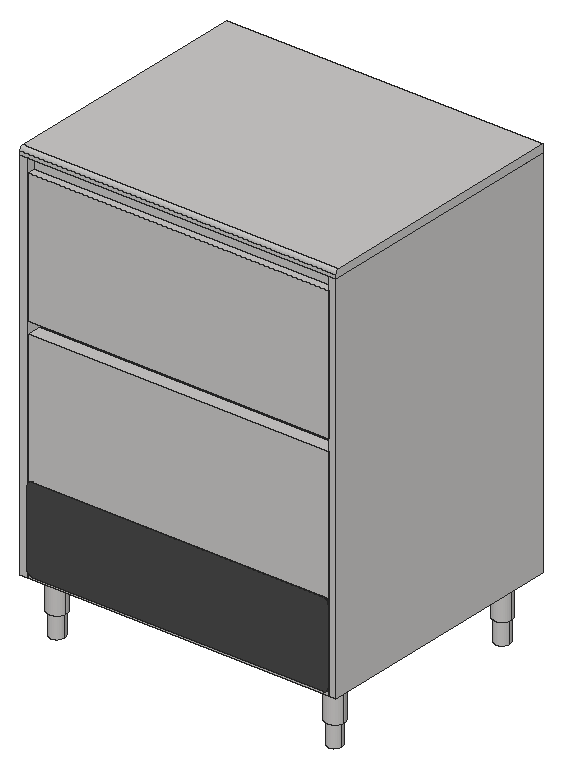
Revit family "QF_ELECTROLUXPROFESSIONAL_730313_ICB155I75SNP", category Attrezzature speciali, Revit 2018
Family settings
  Quota connettore circolare = Usa diametro
  Tipo di parte = Normale
  Basato su piano di lavoro = No
  Sempre verticale = Sì
  Taglio con vuoti quando caricato = No
  Condiviso = No
  Punto di calcolo locali = No
Parameters (values of type "Standard")
  Weight = 95.00 kg
  Watts = 0 W
  Volts = 220 V
  URL Manufacturer = "https://www.electroluxprofessional.com/"
  URL = "https://www.electroluxprofessional.com/"
  Steam Supply Size = 0 mm
  Steam Supply Minimum Pressure = 0.0 Pa
  Steam Supply Maximum Pressure = 0.0 Pa
  Steam Pounds per Hour = 0
  Show Logo [instance] = yes
  Show Clearance [instance] = yes
  Refrigeration Suction Line Size = 0 mm
  Refrigeration Liquid Line Size = 0 mm
  Refrigerant Compressor Remote = yes
  Produttore = "Electrolux Professional"
  Phase = 1
  Modello = "ICB155I75SNP"
  Length Actual = 860 mm  # constant formula
  Item Number = "730313"
  Hot Water Size = 0 mm
  Height Actual = 1149 mm  # constant formula
  HP = "0 HP"
  Gas Size = 0 mm
  Gas KW = 0
  Gas Input Pressure = 0 W
  Descrizione = "WATER COOLED ICE CUBER 22GR 155KG/24H-BIN 75KG"
  Depth Actual = 700 mm  # constant formula
  Cycle = 50 Hz
  Condensate Return Size = 0 mm
  Compressed Air Volume = 0.0 L/s
  Compressed Air Size = 0 mm
  Compressed Air Pressure = 0.0 Pa
  Cold Water Size = 19.05 mm
  Accessory = yes
Reference planes
  plane 1 "Center X": y = 272.851
  plane 2: z = 0
  plane 3 "Center Y": x = -501.5
  plane 4 "LEFT": x = -931.5
  plane 5 "RIGHT": x = -71.5
  plane 6 "FRONT": y = -77.649
  plane 7 "BACK": y = 623.351
  plane 8: z = 154
  plane 9: z = 1198
  plane 10: z = 1178
  plane 11: x = -911.5
  plane 12: x = -91.5
  plane 13: y = -37.649
Forms (mm)
  Extrusion 1, solid, material "QF_Finishes_Black"
    sketch origin (-217.296, -77.649, 371.513) x (-1, 0, 0) y (0, 0, -1)
      loop
        arc (679.204, -20.487) -> (689.811, -16.093) -> (694.204, -5.487) r 15
        line (694.204, -5.487) -> (694.204, 195.469)
        arc (694.204, 195.469) -> (689.811, 206.075) -> (679.204, 210.469) r 15
        line (679.204, 210.469) -> (-110.796, 210.469)
        arc (-110.796, 210.469) -> (-121.403, 206.075) -> (-125.796, 195.469) r 15
        line (-125.796, 195.469) -> (-125.796, -5.487)
        arc (-125.796, -5.487) -> (-121.403, -16.093) -> (-110.796, -20.487) r 15
        line (-110.796, -20.487) -> (679.204, -20.487)
    from 0 to 2
  Extrusion 2, solid, material "QF_Finishes_Stainless Steel"
    sketch origin (-501.5, 0, 0) x (0, 1, 0) y (0, 0, 1)
      loop
        line (623.351, 1178) -> (623.351, 1198) -> (-67.649, 1198)
        arc (-67.649, 1198) -> (-74.72, 1195.071) -> (-77.649, 1188) r 10
        line (-77.649, 1188) -> (-77.649, 1178) -> (623.351, 1178)
    from -430 to 430
  Extrusion 3, solid, material "QF_Finishes_Stainless Steel"
    sketch origin (-519.2, 623.351, -284.545) x (1, 0, 0) y (0, 0, -1)
      loop
        circle (378.2, -654.545) r 10
    from 0 to 10
  Extrusion 4, solid, material "QF_Finishes_Stainless Steel"
    sketch origin (0, 0, 0) x (1, 0, 0) y (0, 1, 0)
      loop
        line (-931.5, 623.351) -> (-931.5, -77.649) -> (-911.5, -77.649) -> (-911.5, 623.351) -> (-931.5, 623.351)
    from 154 to 1178
  Extrusion 5, solid, material "QF_Finishes_Stainless Steel"
    sketch origin (0, 0, 0) x (1, 0, 0) y (0, 1, 0)
      loop
        line (-91.5, 623.351) -> (-91.5, -77.649) -> (-71.5, -77.649) -> (-71.5, 623.351) -> (-91.5, 623.351)
    from 154 to 1178
  Extrusion 6, solid, material "QF_Finishes_Stainless Steel"
    sketch origin (0, 0, 0) x (1, 0, 0) y (0, 1, 0)
      loop
        line (-911.5, 623.351) -> (-911.5, -37.649) -> (-91.5, -37.649) -> (-91.5, 623.351) -> (-911.5, 623.351)
    from 154 to 1178
  Extrusion 7, solid, material "QF_Finishes_Stainless Steel"
    sketch origin (0, 0, 0) x (1, 0, 0) y (0, 1, 0)
      loop
        line (-911.5, -77.649) -> (-91.5, -77.649) -> (-91.5, -37.649) -> (-911.5, -37.649) -> (-911.5, -77.649)
    from 154 to 748.657
  Extrusion 8, solid, material "QF_Finishes_Stainless Steel"
    sketch origin (-501.5, 0, 0) x (0, 1, 0) y (0, 0, 1)
      loop
        line (-37.649, 1178) -> (-57.649, 1178) -> (-57.649, 1142) -> (-77.649, 1142) -> (-77.649, 780.633) -> (-57.649, 780.633) -> (-57.649, 765.633) -> (-37.649, 765.633) -> (-37.649, 1178)
    from -410 to 410
  Extrusion 9, solid, material "QF_Finishes_Stainless Steel"
    sketch origin (-504.7, 623.351, -432.545) x (1, 0, 0) y (0, 0, -1)
      loop
        circle (378.2, -654.545) r 10
    from 0 to 10
  Extrusion 10, solid, material "QF_Finishes_Stainless Steel"
    sketch origin (-560.2, 623.351, -316.545) x (1, 0, 0) y (0, 0, -1)
      loop
        circle (378.2, -654.545) r 10
    from 0 to 10
Lines and regions (mm)
  Split face 1
    outline origin (-501.5, -57.649, 1178) x (0, 0, -1) y (1, 0, 0)
      loop
        line (5.715, 287.428) -> (30.715, 287.428) -> (30.715, 327.428) -> (5.715, 327.428) -> (5.715, 287.428)
  symbolic lines
    curve 1: line (-931.5, 623.351, 0) -> (-71.5, 623.351, 0)
    curve 2: line (-931.5, -77.649, 0) -> (-931.5, 623.351, 0)
    curve 3: line (-71.5, -77.649, 0) -> (-931.5, -77.649, 0)
    curve 4: line (-71.5, 623.351, 0) -> (-71.5, -77.649, 0)
Dimensions and locks
  equal spacing: plane 4 "LEFT", plane 3 "Center Y", plane 5 "RIGHT"
  plane 4 "LEFT" to plane 5 "RIGHT" = 860 mm
  equal spacing: plane 7 "BACK", plane 1 "Center X", plane 6 "FRONT"
  plane 7 "BACK" to plane 6 "FRONT" = 701 mm
  plane 8 to plane 2 = 154 mm
  plane 9 to plane 8 = 1044 mm
  locked: plane 4 "LEFT" to plane 11 at 20
  locked: plane 12 to plane 5 "RIGHT" at 20
  locked: plane 9 to plane 10 at 20
  locked: plane 13 to plane 6 "FRONT" at 40
  aligned and locked: level to plane 2
  aligned and locked: plane 5 "RIGHT" to Extrusion 2
  aligned and locked: Extrusion 2 to plane 4 "LEFT"
  aligned and locked: Extrusion 4 sketch curve to Extrusion 2  (x2)
  aligned and locked: plane 6 "FRONT" to Extrusion 4 sketch curve
  aligned and locked: Extrusion 4 sketch curve to plane 11
  aligned and locked: Extrusion 5 sketch curve to plane 7 "BACK"
  aligned and locked: plane 12 to Extrusion 5 sketch curve
  aligned and locked: Extrusion 5 sketch curve to Extrusion 2  (x2)
  aligned and locked: plane 10 to Extrusion 4
  aligned and locked: plane 10 to Extrusion 5
  aligned and locked: Extrusion 4 to plane 8
  aligned and locked: Extrusion 5 to plane 8
  aligned and locked: Extrusion 6 sketch curve to Extrusion 4
  aligned and locked: Extrusion 4 to Extrusion 6 sketch curve
  aligned and locked: plane 13 to Extrusion 6 sketch curve
  aligned and locked: Extrusion 6 sketch curve to plane 12
  aligned and locked: plane 10 to Extrusion 6
  aligned and locked: Extrusion 6 to plane 8
  aligned and locked: Extrusion 4 to Extrusion 7 sketch curve
  aligned and locked: Extrusion 7 sketch curve to Extrusion 4
  aligned and locked: plane 13 to Extrusion 7 sketch curve
  aligned and locked: plane 12 to Extrusion 7 sketch curve
  aligned and locked: Extrusion 7 to plane 8
  aligned and locked: plane 12 to Extrusion 8
  aligned and locked: Extrusion 8 to plane 11
Automatic sketch dimensions
  curve 3 to plane 4 "LEFT" = 0 mm
  curve 3 to plane 5 "RIGHT" = 0 mm
  curve 3 to plane 6 "FRONT" = 0 mm
  curve 2 to plane 7 "BACK" = 0 mm
  Extrusion 1 sketch curve to plane 12 = 0 mm
  plane 8 to Extrusion 1 sketch curve = 7.044 mm
  Extrusion 1 sketch curve to Extrusion 1 sketch curve = 15 mm  (x3)
  plane 11 to Extrusion 1 sketch curve = 15 mm  (x2)
  Extrusion 1 sketch curve to Extrusion 1 sketch curve = 200.956 mm
  Extrusion 2 sketch curve to plane 6 "FRONT" = 0 mm
  Extrusion 2 sketch curve to plane 9 = 0 mm
  Extrusion 2 sketch curve to plane 7 "BACK" = 0 mm
  Extrusion 2 sketch curve to plane 10 = 0 mm
  plane 6 "FRONT" to Extrusion 2 sketch curve = 10 mm
  Extrusion 6 to Extrusion 3 sketch curve = 216 mm
  Extrusion 3 sketch curve to Extrusion 6 = 49.5 mm
  Split face 1 sketch curve to Extrusion 8 = 5.715 mm
  Extrusion 8 to Split face 1 sketch curve = 5.285 mm
  Split face 1 sketch curve to Extrusion 8 = 122.572 mm
  Split face 1 sketch curve to Split face 1 sketch curve = 40 mm
  Extrusion 9 sketch curve to Extrusion 6 = 35 mm
  Extrusion 6 to Extrusion 9 sketch curve = 68 mm
  Extrusion 10 sketch curve to Extrusion 6 = 90.5 mm
  Extrusion 6 to Extrusion 10 sketch curve = 184 mm
  Extrusion 8 sketch curve to plane 6 "FRONT" = 0 mm
  Extrusion 8 sketch curve to plane 10 = 0 mm
  Extrusion 8 sketch curve to plane 13 = 0 mm
  plane 6 "FRONT" to Extrusion 8 sketch curve = 20 mm
  Extrusion 8 sketch curve to Extrusion 8 sketch curve = 20 mm
  Extrusion 8 sketch curve to plane 10 = 36 mm
  Extrusion 8 sketch curve to Extrusion 8 sketch curve = 361.367 mm
  Extrusion 8 sketch curve to Extrusion 8 sketch curve = 15 mm
  radius of Extrusion 3 sketch curve = 10 mm
  radius of Extrusion 9 sketch curve = 10 mm
  radius of Extrusion 10 sketch curve = 10 mm
Nested families
  nested 1: "Foot_Complete" at (-879.5, -17.649, 0), type "Foot_Complete"
  nested 2: "Foot_Complete" at (-123.5, -17.649, 0) x (-1, 0, 0) z (0, 0, 1), type "Foot_Complete"
  nested 3: "Foot_Complete" at (-879.5, 552.351, 0), type "Foot_Complete"
  nested 4: "Foot_Complete" at (-123.5, 552.351, 0) x (-1, 0, 0) z (0, 0, 1), type "Foot_Complete"
Connectors
  electrical at (-126.5, 633.351, 222), driven by "Volts"
    settings: on Extrusion 9, index 1, voltage 220 V, apparent load 0 VA, apparent load phase1 0 VA, apparent load phase2 0 VA, apparent load phase3 0 VA, power factor 1, load classification "Altro", number of poles 1, system type 30, power factor state 1, is connector primary yes, connector utility no, sub classification motor no, connector description "Electrical Connection"
  piping at (-141, 633.351, 370), diameter 20
    settings: on Extrusion 3, index 2, connector inside diameter 609.6 mm, connector length 0 mm, flow factor 0, pipe flow 0.0 L/s, pressure drop 0.0 Pa, fitting loss kfactor 0, connector angle 0.00°, fixture units 0, engagement length 0 mm, angle of deflection 0.00°, flow configuration 0, flow direction 0, fitting loss method 0, system type 20, joint type 0, gender type 0, connector reference index -1, connector utility 0, adjustable connector no, is connector primary yes, connector description "Cold water"
  piping at (-182, 633.351, 338), diameter 20
    settings: on Extrusion 10, index 3, connector inside diameter 609.6 mm, connector length 0 mm, flow factor 0, pipe flow 0.0 L/s, pressure drop 0.0 Pa, fitting loss kfactor 0, connector angle 0.00°, fixture units 0, engagement length 0 mm, angle of deflection 0.00°, flow configuration 0, flow direction 0, fitting loss method 0, system type 16, joint type 0, gender type 0, connector reference index -1, connector utility 0, adjustable connector no, is connector primary no, connector description "Drain"
Definition of nested family "Foot_Complete"
  Parameters (values of type "Foot_Complete")
    R = 25 mm
    H = 153 mm
  Reference planes
    plane 1 "Centro (Fronte/Retro)": y = 0
    plane 2: z = 0
    plane 3 "Centro (Sinistra/Destra)": x = 0
    plane 4: z = 153
  Forms (mm)
    Revolve 1, solid
      sketch origin (255.05, 0, 608.09) x (0, 0, 1) y (-1, 0, 0)
        loop
          line (-608.09, 255.05) -> (-608.09, 235.05) -> (-548.09, 235.05) -> (-548.09, 230.05) -> (-455.09, 230.05) -> (-455.09, 255.05) -> (-608.09, 255.05)
        axis (-608.09, 255.05) -> (-455.09, 255.05)
      angle from 0 to 360
  Dimensions and locks
    level to Revolve 1 sketch curve = 60 mm
    "R": Revolve 1 sketch curve to plane 3 "Centro (Sinistra/Destra)"
    "H": plane 4 to level
    aligned and locked: level to plane 2
    aligned and locked: plane 4 to Revolve 1 sketch curve
    aligned and locked: Revolve 1 sketch curve to level
    aligned and locked: plane 3 "Centro (Sinistra/Destra)" to Revolve 1 sketch curve
  Automatic sketch dimensions
    Revolve 1 sketch curve to plane 3 "Centro (Sinistra/Destra)" = 0 mm
    plane 3 "Centro (Sinistra/Destra)" to Revolve 1 sketch curve = 20 mm
    Revolve 1 sketch curve to Revolve 1 sketch curve = 50 mm
    Revolve 1 sketch curve to Revolve 1 sketch curve = 20 mm
